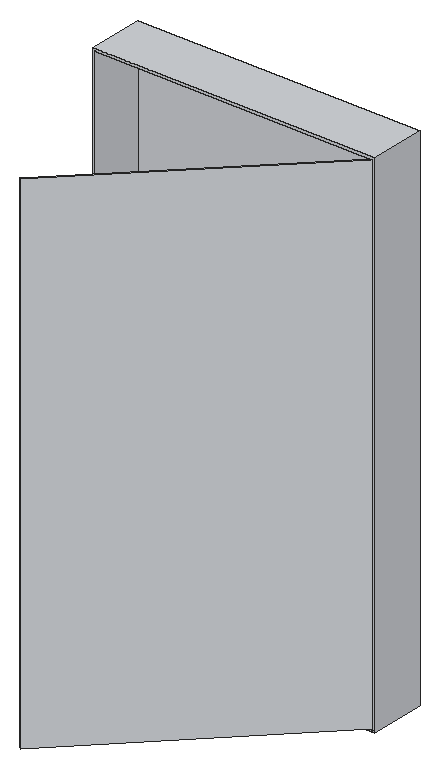
Revit family "Hager-Typ.B_TP&N_125A_Side_Extension_Boxes-empty-NoHosted-UK-en", category Electrical Equipment, Revit 2020
Family settings
  Panel Configuration = Two Columns, Circuits Across
  Round Connector Dimension = Use Diameter
  Part Type = Panelboard
  Work Plane-Based = Yes
  Always vertical = Yes
  Cut with Voids When Loaded = No
  Shared = No
  Room Calculation Point = No
Parameters (values of type "Surface mounted P2XC W465 H850 D91.5 0 Modular spacings - JK112BSF")
  Width Control [instance] = if([HG000006 - Flush mounted], if([EF000846 - Built-in width] > min_whd, [EF000846 - Built-in width], min_whd), if([EF000008 - Width] > min_whd, ([EF000008 - Width]), min_whd))  # 465 mm
  Void Depth [instance] = if([EF000218 - Built-in depth] > 1 mm, [EF000218 - Built-in depth], 1 mm)  # 1 mm
  Type Comments = [HG000003 - Range]  # "Type B TP&N Distribution Boards"
  System Height [instance] = Height Control - 2 * [HG000005 - Thickness]  # 844 mm
  Panel Name [instance] = ""  # (empty or 0)
  Offset [instance] = 0 mm
  Model = [HG000004 - Manufacturer reference]  # "JK112BSF"
  Level Offset [instance] = [Flush Mounted - Door Frame Width] + Offset  # 0 mm
  HG000017 - Distance between poles = 18 mm
  HG000016 - Door 3d visibility [instance] = yes
  HG000015 - Clearance visibility [instance] = no
  HG000014 - Door on the right [instance] = yes
  HG000013 - Door on the left [instance] = not([HG000014 - Door on the right])  # no
  HG000012 - Door swing angle [instance] = 45.00°
  HG000011 - Empty rows from bottom = no
  HG000010 - Asymmetric doors = no
  HG000009 - Double swing door = no
  HG000008 - Number of empty rows = 0
  HG000007 - Number of empty columns = 0
  HG000006 - Flush mounted = no
  HG000005 - Thickness = 3 mm  # constant formula
  HG000004 - Manufacturer reference = "JK112BSF"
  HG000003 - Range = "Type B TP&N Distribution Boards"
  HG000002 - With door or cover = yes
  HG000001 - Number of columns = 0
  EF015941 - Signal passing door = no
  EF015777 - Neutral terminal block = yes
  EF015776 - Earthing terminal block = yes
  EF009212 - Cover model = ""
  EF006306 - With lock = no
  EF006244 - Transparent cover/door = no
  EF005474 - Degree of protection (IP) = "EV009848 - IP2XC"
  EF004462 - Type of closure = "EV000154 - Other"
  EF002950 - Width in number of modular spacings = 0
  EF001596 - Material housing = "EV000179 - Steel"
  EF001134 - DIN-rail = no
  EF001131 - Internal depth = 0 mm
  EF001088 - Extension possible = no
  EF001062 - EMC-version = no
  EF000846 - Built-in width = 0 mm
  EF000339 - Type of cover = "EV004216 - Door"
  EF000332 - Built-in height = 0 mm
  EF000266 - Number of rows = 0
  EF000218 - Built-in depth = 0 mm
  EF000118 - With mounting plate = no
  EF000116 - RAL-number = ""
  EF000049 - Depth = 92 mm
  EF000040 - Height = 850 mm
  EF000008 - Width = 465 mm
  EF000007 - Colour = "EV000154 - Other"
  EF000003 - Mounting method = "EV000384 - Surface mounted (plaster)"
  Description = ""
  Default Elevation = 1219.2 mm
  Arrow Offset [instance] = Depth Control / 8  # 11.5 mm
  Arrow Height [instance] = Depth Control - Arrow Offset  # 80.5 mm
  Host Offset [instance] = if([HG000006 - Flush mounted], 0 mm, [EF000049 - Depth])  # 92 mm
  min_whd [instance] = (2 * [HG000005 - Thickness]) + 1 mm  # 7 mm
  Manufacturer = "Hager"  # constant formula
  Height Control [instance] = if([HG000006 - Flush mounted], if([EF000332 - Built-in height] > min_whd, [EF000332 - Built-in height], min_whd), if([EF000040 - Height] > min_whd, ([EF000040 - Height]), min_whd))  # 850 mm
  Flush Mounted - Door Frame Width [instance] = if(([EF000040 - Height] - [EF000332 - Built-in height]) > 0 mm, if([HG000006 - Flush mounted], [EF000040 - Height] - [EF000332 - Built-in height], 0 mm), 0 mm)  # 0 mm
  Depth Control [instance] = if([HG000006 - Flush mounted], if([EF000218 - Built-in depth] > 0 mm, [EF000218 - Built-in depth], 1 mm), if([EF000049 - Depth] > 0 mm, ([EF000049 - Depth]), 1 mm))  # 92 mm
Types (5, lengths in mm): name | System Height | Model | HG000004 - Manufacturer reference | EF005474 - Degree of protection (IP) | EF000040 - Height | Height Control
  Surface mounted IP30 W465 H950 D91.5 0 Modular spacings - JK116BSF | 944 | "JK116BSF" | "JK116BSF" | "EV006410 - IP30" | 950 | 950
  Surface mounted P2XC W465 H500 D91.5 0 Modular spacings - JK104BSF | 494 | "JK104BSF" | "JK104BSF" | "EV009848 - IP2XC" | 500 | 500
  Surface mounted P2XC W465 H550 D91.5 0 Modular spacings - JK106BSF | 544 | "JK106BSF" | "JK106BSF" | "EV009848 - IP2XC" | 550 | 550
  Surface mounted P2XC W465 H625 D91.5 0 Modular spacings - JK108BSF | 619 | "JK108BSF" | "JK108BSF" | "EV009848 - IP2XC" | 625 | 625
  Surface mounted P2XC W465 H850 D91.5 0 Modular spacings - JK112BSF | 844 | "JK112BSF" | "JK112BSF" | "EV009848 - IP2XC" | 850 | 850
Reference planes
  plane 1 "Center (Front/Back)": y = 0
  plane 2: z = 0
  plane 3 "Center (Left/Right)": x = 0
  plane 4: y = 3
  plane 5: y = 0
  plane 6: y = 0
  plane 7: z = 0
  plane 8: x = -232.5
  plane 9: x = 232.5
  plane 10: x = 229.5
  plane 11: x = -229.5
  plane 12: z = 0
  plane 13: z = 3
  plane 14: y = -87
  plane 15: y = -92
  plane 16: y = -3
  plane 17: z = 847
  plane 18: z = 850
  plane 19: z = 425
  plane 20: x = 0
  plane 21: y = -100
Forms (mm)
  Extrusion 1, solid
    sketch origin (-208.679, -4572, 0) x (-1, 0, 0) y (0, -1, 0)
      loop
        line (23.821, -4480) -> (-441.179, -4480) -> (-441.179, -4572) -> (23.821, -4572) -> (23.821, -4480)
    from 0 to 850 <- "Height Control"
  Extrusion 2, void
    sketch origin (-350.771, -92, 1219.2) x (1, 0, 0) y (0, 0, 1)
      loop
        line (121.271, -372.2) -> (121.271, -1216.2) -> (580.271, -1216.2) -> (580.271, -372.2) -> (121.271, -372.2)
    from 0 to -89
  Extrusion 3, solid, detail levels coarse+medium
    sketch origin (-350.771, -92, 1219.2) x (-1, 0, 0) y (0, 0, 1)
      loop
        line (-121.271, -372.2) -> (-580.271, -372.2) -> (-580.271, -1216.2) -> (-121.271, -1216.2) -> (-121.271, -372.2)
    from 0 to 3 <- "HG000005 - Thickness"
Cuts and joins
  Extrusion 2 cuts Extrusion 1
Dimensions and locks
  "Flush Mounted - Door Frame Width": plane 1 "Center (Front/Back)" to plane 6
  "HG000005 - Thickness": plane 4 to plane 6
  "HG000005 - Thickness": plane 8 to plane 11
  "HG000005 - Thickness": plane 9 to plane 10
  equal spacing: plane 8, plane 3 "Center (Left/Right)", plane 9
  "Width Control": plane 8 to plane 9
  locked: plane 14 to plane 15 at 5
  "Host Offset": plane 1 "Center (Front/Back)" to plane 15
  "Depth Control": plane 5 to plane 15
  "HG000005 - Thickness": plane 5 to plane 16
  "HG000005 - Thickness": plane 13 to plane 12
  "Level Offset": plane 12 to level
  "HG000005 - Thickness": plane 18 to plane 17
  "Height Control": plane 18 to plane 12
  "Arrow Offset": plane 5 to nested 4
  equal spacing: plane 18, plane 19, plane 12
  locked: connector elem to plane 19
  locked: connector elem to plane 3 "Center (Left/Right)"
  aligned and locked: nested 1 to plane 14
  aligned and locked: plane 3 "Center (Left/Right)" to nested 1
  aligned and locked: plane 3 "Center (Left/Right)" to nested 2
  aligned and locked: nested 2 to plane 15
  aligned and locked: plane 5 to Extrusion 1
  aligned and locked: Extrusion 3 sketch curve to plane 17
  aligned and locked: Extrusion 3 sketch curve to plane 11
  aligned and locked: Extrusion 3 sketch curve to plane 13
  aligned and locked: Extrusion 3 sketch curve to plane 10
  aligned and locked: Extrusion 2 sketch curve to plane 13
  aligned and locked: Extrusion 2 sketch curve to plane 10
  aligned and locked: Extrusion 2 sketch curve to plane 17
  aligned and locked: Extrusion 2 sketch curve to plane 11
  aligned and locked: plane 16 to Extrusion 2
  aligned and locked: plane 5 to Extrusion 1 sketch curve
  aligned and locked: plane 9 to Extrusion 1 sketch curve
  aligned and locked: plane 8 to Extrusion 1 sketch curve
  aligned and locked: plane 8 to nested 4
  aligned and locked: plane 8 to nested 3
  aligned and locked: nested 3 to plane 5
  aligned and locked: Extrusion 1 sketch curve to plane 15
  aligned and locked: Extrusion 2 to plane 15
Nested families
  nested 1: "Hager_Enclosure_System" at (0, -87, 3), Flush_Mounted <- "HG000006 - Flush mounted", Width <- "EF000008 - Width", Height <- "System Height", Width_Control <- "Width Control", Row_Module_Multiplicator <- "EF002950 - Width in number of modular spacings", Empty_Columns <- "HG000007 - Number of empty columns", Built-in_Width <- "EF000846 - Built-in width", Border <- "HG000005 - Thickness", Total_No_Empty_Rows <- "HG000008 - Number of empty rows", Depth <- "HG000005 - Thickness", Empty_Rows_From_Bottom <- "HG000011 - Empty rows from bottom", Distance_Between_Poles <- "HG000017 - Distance between poles", Rows_Count <- "EF000266 - Number of rows", Columns_Count <- "HG000001 - Number of columns", type "Hager_Enclosure_System", detail levels medium+fine
    with Width_Control 465 mm, Width 465 mm, Total_No_Rows 0, Total_No_Empty_Rows 0, Total_No_Columns 1, System_Width 459 mm, Rows_Count 0, Rows_Column 0, Row_Module_Multiplicator 0, Panel_4 no, Panel_3 no, Panel_2 no, Panel_1 no, No_Panels_Ctrl 1, Hide_Columns yes, Height 844 mm, Flush_Mounted no, Empty_Rows_From_Bottom no, Empty_Rows_Column 0, Empty_Columns 0, Distance_Between_Poles 18 mm, Depth 3 mm, Columns_Count 0, Column_Width 459 mm, Built-in_Width 0 mm, Border 3 mm
  nested 2: "Hager_Enclosure_Door" at (0, -92, 0), Double <- "HG000009 - Double swing door", Height_Ctrl <- "Height Control", Transparent <- "EF006244 - Transparent cover/door", Depth <- "EF000049 - Depth", Height <- "EF000040 - Height", Angle <- "HG000012 - Door swing angle", Door_Right <- "HG000014 - Door on the right", Assymetrical <- "HG000010 - Asymmetric doors", Flush_Mounted <- "HG000006 - Flush mounted", BuiltIn_Depth <- "EF000218 - Built-in depth", BuiltIn_Width <- "EF000846 - Built-in width", Door <- "HG000002 - With door or cover", Width_Ctrl <- "Width Control", 3d_Door <- "HG000016 - Door 3d visibility", Width <- "EF000008 - Width", Border <- "HG000005 - Thickness", BuiltIn_Height <- "EF000332 - Built-in height", Clearance <- "HG000015 - Clearance visibility", Door_Left <- "HG000013 - Door on the left", type "Hager_Enclosure_Door", detail levels medium+fine
    with min_wh 7 mm, Width_Ctrl 465 mm, Width 465 mm, Transparent_Door_No_Bottom_Border no, Transparent no, Leaf_Width 456 mm, Leaf_Tolerance 1.5 mm, Leaf_Height 841 mm, Leaf_2_Width 456 mm, Leaf_2_Offset 228 mm, Leaf_1_Width 456 mm, Leaf_1_Offset 228 mm, Height_Ctrl 850 mm, Height 850 mm, Frame_Width_Ctrl 465 mm, Frame_Width 465 mm, Frame_Internal_Offset 0 mm, Frame_Height_Ctrl 850 mm, Frame_Height 850 mm, Frame_Depth_Ctrl 1 mm, Frame_Depth 0 mm, Flush_Mounted no, Double_Clearance_Ctrl no, Double no, Door_Right_Ctrl yes, Door_Right yes, Door_Left_Ctrl no, Door_Left no, Door yes, Depth 92 mm, Clearance_Depth 456 mm, Clearance_Ctrl no, Clearance no, BuiltIn_Width 0 mm, BuiltIn_Height 0 mm, BuiltIn_Depth 0 mm, Border 3 mm, Assymetrical no, Angle 45.00°, 3d_Door yes
  nested 3: "Hager_Enclosure_Symbol_Triangle" at (-232.5, 0, 0), Depth <- "Depth Control", Width <- "Width Control", type "Hager_Enclosure_Symbol_Triangle"
    with Width_Ctrl 465 mm, Width 465 mm, Depth_Ctrl 92 mm, Depth 92 mm
  nested 4: "Hager_Enclosure_Symbol_Arrow" at (-232.5, -11.5, 0), Height <- "Arrow Height", type "Hager_Enclosure_Symbol_Arrow"
    with Width_Inside 6.038 mm, Width 72.45 mm, Height_Ctrl 80.5 mm, Height 80.5 mm
Connectors
  electrical at (0, 0, 425)
    settings: on plane 5, index 1, voltage 0 V, apparent load 0 VA, apparent load phase1 0 VA, apparent load phase2 0 VA, apparent load phase3 0 VA, power factor 1, load classification "Other", number of poles 1, system type 30, power factor state 1, is connector primary yes, connector utility no, sub classification motor no, connector description ""
Definition of nested family "Hager_Enclosure_Door"
  Parameters (values of type "Hager_Enclosure_Door")
    min_wh [instance] = (2 * Border) + 1 mm  # 11 mm
    Width_Ctrl [instance] = 400 mm
    Width [instance] = 500 mm
    Transparent_Door_No_Bottom_Border [instance] = no
    Transparent [instance] = yes
    Leaf_Width [instance] = if((Width_Ctrl - 2 * Border - 2 * Leaf_Tolerance) > 0 mm, (Width_Ctrl - 2 * Border - 2 * Leaf_Tolerance), min_wh)  # 387 mm
    Leaf_Tolerance [instance] = 1.5 mm  # constant formula
    Leaf_Height [instance] = if((Height_Ctrl - 2 * Border - 2 * Leaf_Tolerance) > 0 mm, (Height_Ctrl - 2 * Border - 2 * Leaf_Tolerance), min_wh)  # 387 mm
    Leaf_2_Width [instance] = if(and(and(Double, Assymetrical), Door_Left), (Leaf_Width / 3) - (Leaf_Tolerance / 2), if(and(and(Double, Assymetrical), Door_Right), (Leaf_Width / 3) * 2 - (Leaf_Tolerance / 2), if(and(Double, not(Assymetrical)), (Leaf_Width / 2) - Leaf_Tolerance, Leaf_Width)))  # 387 mm
    Leaf_2_Offset [instance] = if(and(Double, Assymetrical), Leaf_2_Width / 2, if(and(Double, not(Assymetrical)), Leaf_Width / 4, Leaf_Width / 2))  # 193.5 mm
    Leaf_1_Width [instance] = if(and(and(Double, Assymetrical), Door_Right), (Leaf_Width / 3) - (Leaf_Tolerance / 2), if(and(and(Double, Assymetrical), Door_Left), (Width / 3) * 2 - (Leaf_Tolerance / 2), if(and(Double, not(Assymetrical)), (Leaf_Width / 2) - Leaf_Tolerance, Leaf_Width)))  # 387 mm
    Leaf_1_Offset [instance] = if(and(Double, Assymetrical), Leaf_1_Width / 2, if(and(Double, not(Assymetrical)), Leaf_Width / 4, Leaf_Width / 2))  # 193.5 mm
    Height_Ctrl [instance] = 400 mm
    Height [instance] = 500 mm
    Frame_Width_Ctrl [instance] = if(Frame_Width > 0 mm, Frame_Width, 1 mm)  # 1 mm
    Frame_Width [instance] = Width - BuiltIn_Width  # 0 mm
    Frame_Internal_Offset [instance] = if(Flush_Mounted, Border, 0 mm)  # 5 mm
    Frame_Height_Ctrl [instance] = if(Frame_Height > 0 mm, Frame_Height, 1 mm)  # 1 mm
    Frame_Height [instance] = Height - BuiltIn_Height  # 0 mm
    Frame_Depth_Ctrl [instance] = if(Frame_Depth > 0 mm, Frame_Depth, 1 mm)  # 1 mm
    Frame_Depth [instance] = if(Depth - BuiltIn_Depth > 0 mm, if(Flush_Mounted, Depth - BuiltIn_Depth, 0 mm), 0 mm)  # 0 mm
    Flush_Mounted [instance] = yes
    Double_Clearance_Ctrl [instance] = and(Double, Clearance)  # no
    Double [instance] = no
    Door_Right_Ctrl [instance] = and(or(Door_Right, Double), Door)  # yes
    Door_Right [instance] = yes
    Door_Left_Ctrl [instance] = and(or(Door_Left, Double), Door)  # no
    Door_Left [instance] = no
    Door [instance] = yes
    Depth [instance] = 500 mm
    Default Elevation = 1219.2 mm
    Clearance_Material = none
    Clearance_Depth [instance] = if(Leaf_1_Width > Leaf_2_Width, Leaf_1_Width, Leaf_2_Width)  # 387 mm
    Clearance_Ctrl [instance] = and(not(Double), Clearance)  # yes
    Clearance [instance] = yes
    BuiltIn_Width [instance] = 500 mm
    BuiltIn_Height [instance] = 500 mm
    BuiltIn_Depth [instance] = 500 mm
    Border [instance] = 5 mm
    Assymetrical [instance] = yes
    Angle [instance] = 30.00°
    3d_Door [instance] = yes
  Reference planes
    plane 1 "Center (Front/Back)": y = 0
    plane 2 "Bottom": z = 0
    plane 3 "Center (Left/Right)": x = 0
    plane 4: z = 400
    plane 5: x = -200
    plane 6: x = 200
    plane 7: z = 395
    plane 8: x = -195
    plane 9: z = 5
    plane 10: x = 195
    plane 11: y = 0
    plane 12: z = 6.5
    plane 13: x = -582
    plane 14: y = -387
    plane 15: x = 582
    plane 16: x = 0
    plane 17: x = 0
    plane 18: x = -193.5
    plane 19: x = 193.5
    plane 20: z = 393.5
  Forms (mm)
    Extrusion 1, solid, visible <- "Flush_Mounted"
      sketch origin (0, 0, 0) x (1, 0, 0) y (0, 0, 1)
        loop
          line (195, 5) -> (195, 395) -> (-195, 395) -> (-195, 5) -> (195, 5)
        loop
          line (-201, 401) -> (-201, -1) -> (201, -1) -> (201, 401) -> (-201, 401)
      from 0 to 1 <- "Frame_Depth_Ctrl"
    Extrusion 2, solid, material <- "Clearance_Material", visible <- "Double_Clearance_Ctrl"
      sketch origin (1200, 0, 0) x (1, 0, 0) y (0, 0, -1)
        loop
          line (-1782, -393.5) -> (-618, -393.5) -> (-618, 0) -> (-1782, 0) -> (-1782, -393.5)
      from 0 to -387
  Dimensions and locks
    equal spacing: plane 5, plane 3 "Center (Left/Right)", plane 6
    "Width_Ctrl": plane 5 to plane 6
    "Border": plane 5 to plane 8
    "Border": plane 6 to plane 10
    "Border": plane 9 to level
    "Border": plane 4 to plane 7
    "Height_Ctrl": plane 4 to level
    "Leaf_Tolerance": plane 12 to plane 9
    "Frame_Depth": plane 11 to plane 1 "Center (Front/Back)"
    "Frame_Width_Ctrl": plane 5 to Extrusion 1 sketch curve
    "Frame_Width_Ctrl": plane 6 to Extrusion 1 sketch curve
    "Frame_Width_Ctrl": Extrusion 1 sketch curve to plane 4
    "Frame_Width_Ctrl": plane 2 "Bottom" to Extrusion 1 sketch curve
    "Leaf_1_Offset": plane 18 to plane 16
    "Leaf_2_Offset": plane 17 to plane 19
    "Leaf_1_Width": plane 13 to plane 8
    "Leaf_2_Width": plane 10 to plane 15
    "Clearance_Depth": plane 14 to plane 1 "Center (Front/Back)"
    "Leaf_Tolerance": plane 8 to plane 18
    "Leaf_Tolerance": plane 19 to plane 10
    "Leaf_Tolerance": plane 7 to plane 20
    "Frame_Internal_Offset": plane 5 to Extrusion 1 sketch curve
    "Frame_Internal_Offset": Extrusion 1 sketch curve to plane 2 "Bottom"
    "Frame_Internal_Offset": plane 6 to Extrusion 1 sketch curve
    "Frame_Internal_Offset": plane 4 to Extrusion 1 sketch curve
    aligned and locked: level to plane 2 "Bottom"
    aligned and locked: nested 1 to plane 16
    aligned and locked: nested 2 to plane 17
    aligned and locked: Extrusion 2 to plane 13
    aligned and locked: plane 15 to Extrusion 2
    aligned and locked: Extrusion 2 to plane 14
    aligned and locked: plane 12 to nested 1
    aligned and locked: nested 2 to plane 12
    aligned and locked: Extrusion 2 to plane 11
    aligned and locked: plane 20 to Extrusion 2
    aligned and locked: nested 2 to plane 11
    aligned and locked: nested 1 to plane 11
  Automatic sketch dimensions
    Extrusion 2 sketch curve to level = 0 mm
    plane 5 to Extrusion 2 sketch curve = 382 mm
    plane 6 to Extrusion 2 sketch curve = 382 mm
    Extrusion 2 sketch curve to plane 4 = 6.5 mm
  Nested families
    nested 1: "Hager_Enclosure_Door_Leaf" at (0, 0, 6.5), Width <- "Leaf_1_Width", visible <- "Door_Left_Ctrl", Leaf_Height <- "Leaf_Height", Angle <- "Angle", Depth <- "Border", 3d_Door <- "3d_Door", Transparent <- "Transparent", Clearance Material <- "Clearance_Material", Clearance <- "Clearance_Ctrl", Transparent_Door_No_Bottom_Border <- "Transparent_Door_No_Bottom_Border", type "Hager_Enclosure_Door_Leaf"
      with Width 387 mm, Transparent_Door_No_Bottom_Border no, Transparent_Door_Border_Bottom_Top 25 mm, Transparent_Door_Border 25 mm, Transparent_Ctrl yes, Transparent yes, Standard no, Leaf_Height 387 mm, Glass_Offset 1 mm, Depth 5 mm, Clearance Material none, Clearance yes, Angle_Ctrl 30.00°, Angle 30.00°, 3d_Door yes
    nested 2: "Hager_Enclosure_Door_Leaf" at (0, 0, 6.5) x (-1, 0, 0) z (0, 0, 1), Width <- "Leaf_2_Width", visible <- "Door_Right_Ctrl", Leaf_Height <- "Leaf_Height", Angle <- "Angle", Depth <- "Border", 3d_Door <- "3d_Door", Transparent <- "Transparent", Clearance Material <- "Clearance_Material", Clearance <- "Clearance_Ctrl", Transparent_Door_No_Bottom_Border <- "Transparent_Door_No_Bottom_Border", type "Hager_Enclosure_Door_Leaf"
      with Width 387 mm, Transparent_Door_No_Bottom_Border no, Transparent_Door_Border_Bottom_Top 25 mm, Transparent_Door_Border 25 mm, Transparent_Ctrl yes, Transparent yes, Standard no, Leaf_Height 387 mm, Glass_Offset 1 mm, Depth 5 mm, Clearance Material none, Clearance yes, Angle_Ctrl 30.00°, Angle 30.00°, 3d_Door yes
  Definition of nested family "Hager_Enclosure_Door_Leaf"
    Parameters (values of type "Hager_Enclosure_Door_Leaf")
      Width [instance] = 2000 mm
      Transparent_Door_No_Bottom_Border [instance] = yes
      Transparent_Door_Border_Bottom_Top [instance] = if(Transparent_Door_No_Bottom_Border, 0.1 mm, Transparent_Door_Border)  # 0.1 mm
      Transparent_Door_Border [instance] = if(Transparent_Door_No_Bottom_Border, (Width * 0.12), 25 mm)  # 240 mm
      Transparent_Ctrl [instance] = and(Transparent, [3d_Door])  # yes
      Transparent [instance] = yes
      Standard [instance] = and(not(Transparent), [3d_Door])  # no
      Leaf_Height [instance] = 2720.336 mm
      Glass_Offset [instance] = if((Depth - 10 mm) / 2 > 0 mm, (Depth - 10 mm) / 2, 1 mm)  # 15 mm
      Glass_Material = none
      Depth [instance] = 40 mm
      Default Elevation = 0 mm
      Clearance Material [instance] = none
      Clearance [instance] = yes
      Angle_Ctrl [instance] = if(Angle > 170.00°, 170.00°, Angle)  # 45.00°
      Angle [instance] = 45.00°
      3d_Door [instance] = yes
    Reference planes
      plane 1 "Center (Front/Back)": y = 0
      plane 2: z = 0
      plane 3 "Center (Left/Right)": x = 0
      plane 4: y = 2000
      plane 5: x = -1000
      plane 6: x = 1000
      plane 7: x = -3000
      plane 8: z = 2720.336
      plane 9: z = 0.1
      plane 10: z = 2720.236
      plane 11: x = 760
      plane 12: x = -760
    Forms (mm)
      Extrusion 1, solid, material <- "Clearance Material", visible <- "Clearance"
        sketch origin (0, 0, 0) x (1, 0, 0) y (0, 0, 1)
          loop
            line (-3000, 2720.336) -> (-3000, 0) -> (1000, 0) -> (1000, 2720.336) -> (-3000, 2720.336)
        from 0 to -2000
      Extrusion 2, solid, visible <- "Standard", detail levels medium+fine
        sketch origin (-1000, 0, 0) x (0.707107, 0.707107, 0) y (-0.707107, 0.707107, 0)
          loop
            line (0, -40) -> (2000, -40) -> (2000, 0) -> (0, 0) -> (0, -40)
        from 0 to 2720.336 <- "Leaf_Height"
      Extrusion 3, solid, visible <- "Transparent_Ctrl", detail levels medium+fine
        sketch origin (-1000, 0, 0) x (0.707107, 0.707107, 0) y (-0.707107, 0.707107, 0)
          loop
            line (0, -40) -> (2000, -40) -> (2000, 0) -> (0, 0) -> (0, -40)
        from 0 to 2720.336 <- "Leaf_Height"
      Extrusion 4, void, detail levels medium+fine
        sketch origin (-1000, 0, 0) x (-0.707107, 0.707107, 0) y (0.707107, 0.707107, 0)
          loop
            line (0, 240) -> (0, 1760) -> (-40, 1760) -> (-40, 240) -> (0, 240)
        from -2720.236 to -0.1
      Extrusion 5, solid, material <- "Glass_Material", visible <- "Transparent_Ctrl", detail levels medium+fine
        sketch origin (-1000, 0, 0) x (0.707107, 0.707107, 0) y (-0.707107, 0.707107, 0)
          loop
            line (240, -15) -> (240, -25) -> (1760, -25) -> (1760, -15) -> (240, -15)
        from 0.1 to 2720.236
    Cuts and joins
      Extrusion 4 cuts Extrusion 3
    Lines and regions (mm)
      symbolic lines
        curve 1: line (1000, 0, 0) -> (-3000, 0, 0)
        curve 2: arc (1000, 0, 0) -> (-1000, 2000, 0) -> (-3000, 0, 0) r 2000
        curve 4: line (-1000, 0, 0) -> (414.214, 1414.214, 0)
      reference lines
        curve 3: line (-1000, 0, 0) -> (414.214, 1414.214, 0)
      symbolic lines, detail levels medium+fine
        curve 5: line (414.214, 1414.214, 0) -> (442.498, 1385.929, 0)
        curve 6: line (442.498, 1385.929, 0) -> (-971.716, -28.284, 0)
        curve 7: line (-971.716, -28.284, 0) -> (-1000, 0, 0)
        curve 8: line (-1000, 0, 2720.336) -> (1000, 0, 2720.336)
        curve 9: line (-1000, 0, 0) -> (-1000, 0, 2720.336)
        curve 10: line (1000, 0, 0) -> (-1000, 0, 0)
        curve 11: line (1000, 0, 2720.336) -> (1000, 0, 0)
      symbolic lines, visible <- "Transparent_Ctrl", detail levels medium+fine
        curve 12: line (-760, 0, 2720.236) -> (760, 0, 2720.236)
        curve 13: line (-760, 0, 0.1) -> (-760, 0, 2720.236)
        curve 14: line (760, 0, 0.1) -> (-760, 0, 0.1)
        curve 15: line (760, 0, 2720.236) -> (760, 0, 0.1)
    Dimensions and locks
      "Width": plane 1 "Center (Front/Back)" to plane 4
      equal spacing: plane 5, plane 3 "Center (Left/Right)", plane 6
      "Width": plane 5 to plane 6
      "Width": plane 7 to plane 5
      "Leaf_Height": plane 8 to level
      "Depth": curve 6 to curve 3
      "Width": curve 5 to curve 3
      "Width": curve 3 to curve 3
      "Transparent_Door_Border": Extrusion 4 sketch curve to curve 7
      "Transparent_Door_Border": Extrusion 4 sketch curve to curve 5
      "Transparent_Door_Border_Bottom_Top": plane 8 to plane 10
      "Transparent_Door_Border_Bottom_Top": plane 9 to level
      "Glass_Offset": Extrusion 5 sketch curve to curve 4
      "Glass_Offset": Extrusion 5 sketch curve to curve 6
      "Transparent_Door_Border": Extrusion 5 sketch curve to curve 5
      "Transparent_Door_Border": Extrusion 5 sketch curve to curve 7
      "Transparent_Door_Border": plane 12 to plane 5
      "Transparent_Door_Border": plane 6 to plane 11
      "Angle_Ctrl": angle plane 1 "Center (Front/Back)" to curve 3
      aligned and locked: level to plane 2
      aligned and locked: Extrusion 1 to curve 1
      aligned and locked: plane 6 to Extrusion 1
      aligned and locked: Extrusion 1 to plane 1 "Center (Front/Back)"
      aligned and locked: plane 4 to Extrusion 1
      aligned and locked: plane 8 to Extrusion 1
      aligned and locked: curve 4 to curve 3
      aligned and locked: Extrusion 2 sketch curve to curve 7
      aligned and locked: Extrusion 2 sketch curve to curve 6
      aligned and locked: Extrusion 2 sketch curve to curve 5
      aligned and locked: Extrusion 2 sketch curve to curve 3
      aligned and locked: curve 7 to Extrusion 3 sketch curve
      aligned and locked: Extrusion 3 sketch curve to curve 4
      aligned and locked: Extrusion 3 sketch curve to curve 6
      aligned and locked: Extrusion 3 sketch curve to curve 5
      aligned and locked: curve 4 to Extrusion 4 sketch curve
      aligned and locked: curve 6 to Extrusion 4 sketch curve
      aligned and locked: Extrusion 4 to plane 9
      aligned and locked: Extrusion 4 to plane 10
      aligned and locked: Extrusion 5 to plane 9
      aligned and locked: Extrusion 5 to plane 10
      aligned and locked: curve 8 to plane 8
      aligned and locked: plane 5 to curve 9
      aligned and locked: plane 2 to curve 10
      aligned and locked: curve 11 to plane 6
      aligned and locked: plane 10 to curve 12
      aligned and locked: plane 12 to curve 13
      aligned and locked: curve 14 to plane 9
      aligned and locked: plane 11 to curve 15
    Automatic sketch dimensions
      plane 1 "Center (Front/Back)" to curve 2 = 0 mm
      curve 2 to plane 5 = 0 mm
      Extrusion 1 sketch curve to level = 0 mm
      Extrusion 1 sketch curve to plane 7 = 0 mm
      Extrusion 1 sketch curve to plane 6 = 0 mm
      Extrusion 1 sketch curve to plane 8 = 0 mm
      plane 1 "Center (Front/Back)" to curve 3 = 0 mm
      curve 3 to plane 5 = 0 mm
      curve 7 to curve 3 = 0 mm
Definition of nested family "Hager_Enclosure_Symbol_Triangle"
  Parameters (values of type "Hager_Enclosure_Symbol_Triangle")
    Width_Ctrl [instance] = if(Width > 1 mm, Width, 1 mm)  # 498 mm
    Width [instance] = 498 mm
    Depth_Ctrl [instance] = if(Depth > 1 mm, Depth, 1 mm)  # 72 mm
    Depth [instance] = 72 mm
  Reference planes
    plane 1 "Centre (avant/arrière)": y = 0
    plane 2: z = 0
    plane 3 "Centre (gauche/droite)": x = 0
  Lines and regions (mm)
    Filled region 1, type "Solid_Black", in view "Niveau de réf."
      outline origin (0, 0, 0) x (1, 0, 0) y (0, 1, 0)
        loop
          line (0, 0) -> (498, 0) -> (498, 72) -> (0, 0)
    reference lines, in view "Niveau de réf."
      curve 1: line (-206.153, 72, 0) -> (1083.258, 72, 0)
      curve 2: line (498, 405.456, 0) -> (498, -517.619, 0)
  Dimensions and locks
    "Depth_Ctrl": plane 1 "Centre (avant/arrière)" to curve 1
    "Width_Ctrl": plane 3 "Centre (gauche/droite)" to curve 2
    aligned and locked: curve 1 to Filled region 1 sketch curve
    aligned and locked: Filled region 1 sketch curve to plane 1 "Centre (avant/arrière)"
    aligned and locked: curve 2 to Filled region 1 sketch curve
    aligned and locked: plane 3 "Centre (gauche/droite)" to Filled region 1 sketch curve
    aligned and locked: plane 1 "Centre (avant/arrière)" to Filled region 1 sketch curve
  Automatic sketch dimensions
    curve 1 to plane 3 "Centre (gauche/droite)" = 206.153 mm
    curve 2 to curve 1 = 585.258 mm
    plane 1 "Centre (avant/arrière)" to curve 2 = 517.619 mm
    curve 2 to plane 1 "Centre (avant/arrière)" = 405.456 mm
Definition of nested family "Hager_Enclosure_Symbol_Arrow"
  Parameters (values of type "Hager_Enclosure_Symbol_Arrow")
    Width_Inside [instance] = if(Width / 12 > 2 mm, Width / 12, 2 mm)  # 4.987 mm
    Width [instance] = if(Height_Ctrl * 0.9 > 2 mm, Height_Ctrl * 0.9, 2 mm)  # 59.85 mm
    Height_Ctrl [instance] = if(Height > 2 mm, Height, 2 mm)  # 66.5 mm
    Height [instance] = 66.5 mm
  Reference planes
    plane 1 "Centre (avant/arrière)": y = 0
    plane 2: z = 0
    plane 3 "Centre (gauche/droite)": x = 0
    plane 4: x = 59.85
    plane 5: y = 28.263
    plane 6: y = 38.238
    plane 7: y = 66.5
    plane 8: x = 29.925
    plane 9: y = 33.25
  Lines and regions (mm)
    Filled region 1, type "Solid_Black", in view "Niveau de réf."
      outline origin (0, 0, 0) x (1, 0, 0) y (0, 1, 0)
        loop
          line (59.85, 66.5) -> (37.929, 52.827) -> (51.846, 41.935) -> (59.85, 66.5)
    detail lines, in view "Niveau de réf."
      curve 1: line (0, 0, 0) -> (29.925, 38.238, 0)
      curve 2: line (29.925, 38.238, 0) -> (29.925, 28.263, 0)
      curve 3: line (29.925, 28.263, 0) -> (59.85, 66.5, 0)
  Dimensions and locks
    "Width": plane 3 "Centre (gauche/droite)" to plane 4
    "Height_Ctrl": plane 7 to plane 1 "Centre (avant/arrière)"
    equal spacing: plane 3 "Centre (gauche/droite)", plane 8, plane 4
    equal spacing: plane 7, plane 9, plane 1 "Centre (avant/arrière)"
    equal spacing: plane 6, plane 9, plane 5
    "Width_Inside": plane 6 to plane 9
    equal spacing: curve 3, Filled region 1 sketch curve, Filled region 1 sketch curve
    angle Filled region 1 sketch curve to curve 3 = 20.00°
    angle curve 3 to Filled region 1 sketch curve = 20.00°
    locked: curve 3 to Filled region 1 sketch curve (angle 90.00°)
  Automatic sketch dimensions
    plane 1 "Centre (avant/arrière)" to curve 1 = 0 mm
    curve 1 to plane 3 "Centre (gauche/droite)" = 0 mm
    curve 2 to plane 6 = 0 mm
    curve 3 to plane 8 = 0 mm
    curve 3 to plane 4 = 0 mm
    curve 2 to plane 5 = 0 mm
    curve 3 to plane 7 = 0 mm
    Filled region 1 sketch curve to plane 4 = 0 mm
    Filled region 1 sketch curve to plane 7 = 0 mm
